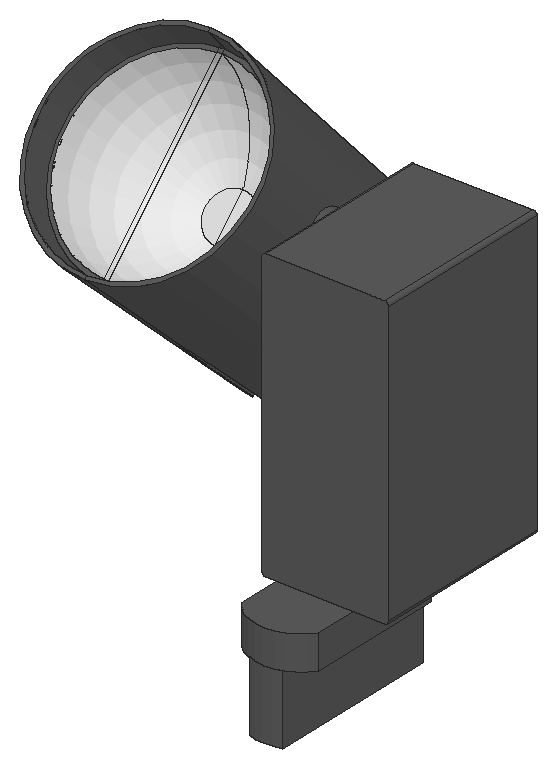
Revit family "0004883 Feilo Sylvania Lighting Fixture START TRACK SPOT S 14W 3K RA90 NB BLACK", category Lighting Fixtures, host Face, Revit 2017 (continued)
Definition of nested family "Start Track Spot Head"
  Types (96, lengths in mm): name | Wattage | built-in parameter 1150134 | Photometric Web File | Model | built-in parameter 1150105 | Lumens | built-in parameter 1150107 | built-in parameter 1150106 | HeadThickness_FEILO | HeadRibOffset_FEILO | HeadRibDepth_FEILO | HeadRibCutWidth_FEILO | HeadRibCutOffset_FEILO | HeadReflectorRadius_FEILO | HeadReflectorOffset_FEILO | HeadLEDRadius_FEILO | HeadHeight_FEILO | HeadDiffusorOffset_FEILO | HeadDiaOut_FEILO | HeadDiaIn_FEILO | HeadAxisFromTop_FEILO | Emit from Circle Diameter | built-in parameter 1150104 | Description | Apparent Load
    0004864 START TRACK SPOT S 24W 3K RA90 WB WHITE | 24 W | (empty or 0) | "0004864.ies" | "START TRACK SPOT S 24W 3K RA90 WB WHITE" | 152.79 (stored number, unit not read) | 1920 lm | 3000 (stored number, unit not read) | 1.5279 (stored number, unit not read) | 1.5 | 4.179 | 55.714 | 7.167 | 50.87 | 50.588 | 55.714 | 9.556 | 117 | 9.435 | 86 | 77.477 | 69.354 | 77.477 | 7.4322 (stored number, unit not read) | "Integrated LED spotlight, Textured White - RAL9016, compact and minimalist design, ideal for retail applications, die-cast aluminium body, passive cooling heatsink. Beam angle: 64°, color temperature: 3000K , total system power: 24W, total fixture output: 1928 lm, LOR: 100%, colour rendering: Ra: 90 typical, LED Chromaticity: 3 step MacAdam ellipse, lifetime: >50000 hours at L70B50, energy class: A++, A+, A, IR/UV free light source without heat radiation, operating voltage: 220-240V / 50-60Hz, drive current: 600mA, electronic driver, non-dimmable, power factor: 0.95, electrical protection: Class II, Global Track 3 Phase adapter suitable for Global trac 3-circuit tracks, ingress protection rating: IP20, suitable for internal environment only, horizontal rotation: 355°, vertical tilt: 90°, dimensions: Ø86x140x200, weight: 0.966kg." | 24 VA
    0004863 START TRACK SPOT S 24W 3K RA90 MB WHITE | 24 W | (empty or 0) | "0004863.ies" | "START TRACK SPOT S 24W 3K RA90 MB WHITE" | 154.7 (stored number, unit not read) | 1944 lm | 3000 (stored number, unit not read) | 1.547 (stored number, unit not read) | 1.5 | 4.179 | 55.714 | 7.167 | 50.87 | 50.588 | 55.714 | 9.556 | 117 | 9.435 | 86 | 77.477 | 69.354 | 77.477 | 7.5251 (stored number, unit not read) | "Integrated LED spotlight, Textured White - RAL9016, compact and minimalist design, ideal for retail applications, die-cast aluminium body, passive cooling heatsink. Beam angle: 36°, color temperature: 3000K , total system power: 24W, total fixture output: 1944 lm, LOR: 100%, colour rendering: Ra: 90 typical, LED Chromaticity: 3 step MacAdam ellipse, lifetime: >50000 hours at L70B50, energy class: A++, A+, A, IR/UV free light source without heat radiation, operating voltage: 220-240V / 50-60Hz, drive current: 600mA, electronic driver, non-dimmable, power factor: 0.95, electrical protection: Class II, Global Track 3 Phase adapter suitable for Global trac 3-circuit tracks, ingress protection rating: IP20, suitable for internal environment only, horizontal rotation: 355°, vertical tilt: 90°, dimensions: Ø86x140x200, weight: 0.966kg." | 24 VA
    0004862 START TRACK SPOT S 24W 3K RA90 NB WHITE | 24 W | (empty or 0) | "0004862.ies" | "START TRACK SPOT S 24W 3K RA90 NB WHITE" | 158.52 (stored number, unit not read) | 1992 lm | 3000 (stored number, unit not read) | 1.5852 (stored number, unit not read) | 1.5 | 4.179 | 55.714 | 7.167 | 50.87 | 50.588 | 55.714 | 9.556 | 117 | 9.435 | 86 | 77.477 | 69.354 | 77.477 | 7.711 (stored number, unit not read) | "Integrated LED spotlight, Textured White - RAL9016, compact and minimalist design, ideal for retail applications, die-cast aluminium body, passive cooling heatsink. Beam angle: 12°, color temperature: 3000K , total system power: 24W, total fixture output: 1987 lm, LOR: 100%, colour rendering: Ra: 90 typical, LED Chromaticity: 3 step MacAdam ellipse, lifetime: >50000 hours at L70B50, energy class: A++, A+, A, IR/UV free light source without heat radiation, operating voltage: 220-240V / 50-60Hz, drive current: 600mA, electronic driver, non-dimmable, power factor: 0.95, electrical protection: Class II, Global Track 3 Phase adapter suitable for Global trac 3-circuit tracks, ingress protection rating: IP20, suitable for internal environment only, horizontal rotation: 355°, vertical tilt: 90°, dimensions: Ø86x140x200, weight: 0.966kg." | 24 VA
    0004861 START TRACK SPOT S 14W 3K RA90 WB WHITE | 14 W | (empty or 0) | "0004861.ies" | "START TRACK SPOT S 14W 3K RA90 WB WHITE" | 100.27 (stored number, unit not read) | 1260 lm | 3000 (stored number, unit not read) | 1.0027 (stored number, unit not read) | 1.5 | 4.179 | 55.714 | 7.167 | 50.87 | 50.588 | 55.714 | 9.556 | 117 | 9.435 | 86 | 77.477 | 69.354 | 77.477 | 8.3613 (stored number, unit not read) | "Integrated LED spotlight, Textured White - RAL9016, compact and minimalist design, ideal for retail applications, die-cast aluminium body, passive cooling heatsink. Beam angle: 64°, color temperature: 3000K , total system power: 14W, total fixture output: 1262 lm, LOR: 100%, colour rendering: Ra: 90 typical, LED Chromaticity: 3 step MacAdam ellipse, lifetime: >50000 hours at L70B50, energy class: A++, A+, A, IR/UV free light source without heat radiation, operating voltage: 220-240V / 50-60Hz, drive current: 350mA, electronic driver, non-dimmable, power factor: 0.92, electrical protection: Class II, Global Track 3 Phase adapter suitable for Global trac 3-circuit tracks, ingress protection rating: IP20, suitable for internal environment only, horizontal rotation: 355°, vertical tilt: 90°, dimensions: Ø86x140x200, weight: 0.940kg." | 14 VA
    0004860 START TRACK SPOT S 14W 3K RA90 MB WHITE | 14 W | (empty or 0) | "0004860.ies" | "START TRACK SPOT S 14W 3K RA90 MB WHITE" | 100.27 (stored number, unit not read) | 1260 lm | 3000 (stored number, unit not read) | 1.0027 (stored number, unit not read) | 1.5 | 4.179 | 55.714 | 7.167 | 50.87 | 50.588 | 55.714 | 9.556 | 117 | 9.435 | 86 | 77.477 | 69.354 | 77.477 | 8.3613 (stored number, unit not read) | "Integrated LED spotlight, Textured White - RAL9016, compact and minimalist design, ideal for retail applications, die-cast aluminium body, passive cooling heatsink. Beam angle: 36°, color temperature: 3000K , total system power: 14W, total fixture output: 1262 lm, LOR: 100%, colour rendering: Ra: 90 typical, LED Chromaticity: 3 step MacAdam ellipse, lifetime: >50000 hours at L70B50, energy class: A++, A+, A, IR/UV free light source without heat radiation, operating voltage: 220-240V / 50-60Hz, drive current: 350mA, electronic driver, non-dimmable, power factor: 0.92, electrical protection: Class II, Global Track 3 Phase adapter suitable for Global trac 3-circuit tracks, ingress protection rating: IP20, suitable for internal environment only, horizontal rotation: 355°, vertical tilt: 90°, dimensions: Ø86x140x200, weight: 0.940kg." | 14 VA
    0004859 START TRACK SPOT S 14W 3K RA90 NB WHITE | 14 W | (empty or 0) | "0004859.ies" | "START TRACK SPOT S 14W 3K RA90 NB WHITE" | 102.5 (stored number, unit not read) | 1288 lm | 3000 (stored number, unit not read) | 1.025 (stored number, unit not read) | 1.5 | 4.179 | 55.714 | 7.167 | 50.87 | 50.588 | 55.714 | 9.556 | 117 | 9.435 | 86 | 77.477 | 69.354 | 77.477 | 8.5471 (stored number, unit not read) | "Integrated LED spotlight, Textured White - RAL9016, compact and minimalist design, ideal for retail applications, die-cast aluminium body, passive cooling heatsink. Beam angle: 12°, color temperature: 3000K , total system power: 14W, total fixture output: 1284 lm, LOR: 100%, colour rendering: Ra: 90 typical, LED Chromaticity: 3 step MacAdam ellipse, lifetime: >50000 hours at L70B50, energy class: A++, A+, A, IR/UV free light source without heat radiation, operating voltage: 220-240V / 50-60Hz, drive current: 350mA, electronic driver, non-dimmable, power factor: 0.92, electrical protection: Class II, Global Track 3 Phase adapter suitable for Global trac 3-circuit tracks, ingress protection rating: IP20, suitable for internal environment only, horizontal rotation: 355°, vertical tilt: 90°, dimensions: Ø86x140x200, weight: 0.940kg." | 14 VA
    0004858 START TRACK SPOT L 55W 4K RA80 WB BLACK | 55 W | 12 | "0004858.ies" | "START TRACK SPOT L 55W 4K RA80 WB BLACK" | 424.55 (stored number, unit not read) | 5335 lm | 4000 (stored number, unit not read) | 4.2455 (stored number, unit not read) | 2 | 4.429 | 59.048 | 9.417 | 53.913 | 66.471 | 59.048 | 12.556 | 124 | 10 | 113 | 101.802 | 73.503 | 101.802 | 9.0116 (stored number, unit not read) | "Integrated LED spotlight, Textured Black - RAL9005, compact and minimalist design, ideal for retail applications, die-cast aluminium body, passive cooling heatsink. Beam angle: 52°, color temperature: 4000K , total system power: 55W, total fixture output: 5320 lm, LOR: 100%, colour rendering: Ra: 80 typical, LED Chromaticity: 3 step MacAdam ellipse, lifetime: >50000 hours at L70B50, energy class: A++, A+, A, IR/UV free light source without heat radiation, operating voltage: 220-240V / 50-60Hz, drive current: 1400mA, electronic driver, non-dimmable, power factor: 0.96, electrical protection: Class II, Global Track 3 Phase adapter suitable for Global trac 3-circuit tracks, ingress protection rating: IP20, suitable for internal environment only, horizontal rotation: 355°, vertical tilt: 90°, dimensions: Ø113x164x240, weight: 1.398kg." | 55 VA
    0004857 START TRACK SPOT L 55W 4K RA80 MB BLACK | 55 W | 12 | "0004857.ies" | "START TRACK SPOT L 55W 4K RA80 MB BLACK" | 428.92 (stored number, unit not read) | 5390 lm | 4000 (stored number, unit not read) | 4.2892 (stored number, unit not read) | 2 | 4.429 | 59.048 | 9.417 | 53.913 | 66.471 | 59.048 | 12.556 | 124 | 10 | 113 | 101.802 | 73.503 | 101.802 | 9.1045 (stored number, unit not read) | "Integrated LED spotlight, Textured Black - RAL9005, compact and minimalist design, ideal for retail applications, die-cast aluminium body, passive cooling heatsink. Beam angle: 38°, color temperature: 4000K , total system power: 55W, total fixture output: 5378 lm, LOR: 100%, colour rendering: Ra: 80 typical, LED Chromaticity: 3 step MacAdam ellipse, lifetime: >50000 hours at L70B50, energy class: A++, A+, A, IR/UV free light source without heat radiation, operating voltage: 220-240V / 50-60Hz, drive current: 1400mA, electronic driver, non-dimmable, power factor: 0.96, electrical protection: Class II, Global Track 3 Phase adapter suitable for Global trac 3-circuit tracks, ingress protection rating: IP20, suitable for internal environment only, horizontal rotation: 355°, vertical tilt: 90°, dimensions: Ø113x164x240, weight: 1.398kg." | 55 VA
    0004856 START TRACK SPOT L 55W 4K RA80 NB BLACK | 55 W | 12 | "0004856.ies" | "START TRACK SPOT L 55W 4K RA80 NB BLACK" | 433.3 (stored number, unit not read) | 5445 lm | 4000 (stored number, unit not read) | 4.333 (stored number, unit not read) | 2 | 4.429 | 59.048 | 9.417 | 53.913 | 66.471 | 59.048 | 12.556 | 124 | 10 | 113 | 101.802 | 73.503 | 101.802 | 9.1974 (stored number, unit not read) | "Integrated LED spotlight, Textured Black - RAL9005, compact and minimalist design, ideal for retail applications, die-cast aluminium body, passive cooling heatsink. Beam angle: 15°, color temperature: 4000K , total system power: 55W, total fixture output: 5426 lm, LOR: 100%, colour rendering: Ra: 80 typical, LED Chromaticity: 3 step MacAdam ellipse, lifetime: >50000 hours at L70B50, energy class: A++, A+, A, IR/UV free light source without heat radiation, operating voltage: 220-240V / 50-60Hz, drive current: 1400mA, electronic driver, non-dimmable, power factor: 0.96, electrical protection: Class II, Global Track 3 Phase adapter suitable for Global trac 3-circuit tracks, ingress protection rating: IP20, suitable for internal environment only, horizontal rotation: 355°, vertical tilt: 90°, dimensions: Ø113x164x240, weight: 1.398kg." | 55 VA
    0004855 START TRACK SPOT L 35W 4K RA80 WB BLACK | 35 W | 12 | "0004855.ies" | "START TRACK SPOT L 35W 4K RA80 WB BLACK" | 320.3 (stored number, unit not read) | 4025 lm | 4000 (stored number, unit not read) | 3.203 (stored number, unit not read) | 2 | 4.429 | 59.048 | 9.417 | 53.913 | 66.471 | 59.048 | 12.556 | 124 | 10 | 113 | 101.802 | 73.503 | 101.802 | 10.684 (stored number, unit not read) | "Integrated LED spotlight, Textured Black - RAL9005, compact and minimalist design, ideal for retail applications, die-cast aluminium body, passive cooling heatsink. Beam angle: 52°, color temperature: 4000K , total system power: 35W, total fixture output: 4010 lm, LOR: 100%, colour rendering: Ra: 80 typical, LED Chromaticity: 3 step MacAdam ellipse, lifetime: >50000 hours at L70B50, energy class: A++, A+, A, IR/UV free light source without heat radiation, operating voltage: 220-240V / 50-60Hz, drive current: 900mA, electronic driver, non-dimmable, power factor: 0.93, electrical protection: Class II, Global Track 3 Phase adapter suitable for Global trac 3-circuit tracks, ingress protection rating: IP20, suitable for internal environment only, horizontal rotation: 355°, vertical tilt: 90°, dimensions: Ø113x164x240, weight: 1.368kg." | 35 VA
    0004854 START TRACK SPOT L 35W 4K RA80 MB BLACK | 35 W | 12 | "0004854.ies" | "START TRACK SPOT L 35W 4K RA80 MB BLACK" | 320.3 (stored number, unit not read) | 4025 lm | 4000 (stored number, unit not read) | 3.203 (stored number, unit not read) | 2 | 4.429 | 59.048 | 9.417 | 53.913 | 66.471 | 59.048 | 12.556 | 124 | 10 | 113 | 101.802 | 73.503 | 101.802 | 10.684 (stored number, unit not read) | "Integrated LED spotlight, Textured Black - RAL9005, compact and minimalist design, ideal for retail applications, die-cast aluminium body, passive cooling heatsink. Beam angle: 38°, color temperature: 4000K , total system power: 35W, total fixture output: 4017 lm, LOR: 100%, colour rendering: Ra: 80 typical, LED Chromaticity: 3 step MacAdam ellipse, lifetime: >50000 hours at L70B50, energy class: A++, A+, A, IR/UV free light source without heat radiation, operating voltage: 220-240V / 50-60Hz, drive current: 900mA, electronic driver, non-dimmable, power factor: 0.93, electrical protection: Class II, Global Track 3 Phase adapter suitable for Global trac 3-circuit tracks, ingress protection rating: IP20, suitable for internal environment only, horizontal rotation: 355°, vertical tilt: 90°, dimensions: Ø113x164x240, weight: 1.368kg." | 35 VA
    0004853 START TRACK SPOT L 35W 4K RA80 NB BLACK | 35 W | 12 | "0004853.ies" | "START TRACK SPOT L 35W 4K RA80 NB BLACK" | 331.44 (stored number, unit not read) | 4165 lm | 4000 (stored number, unit not read) | 3.3144 (stored number, unit not read) | 2 | 4.429 | 59.048 | 9.417 | 53.913 | 66.471 | 59.048 | 12.556 | 124 | 10 | 113 | 101.802 | 73.503 | 101.802 | 11.055 (stored number, unit not read) | "Integrated LED spotlight, Textured Black - RAL9005, compact and minimalist design, ideal for retail applications, die-cast aluminium body, passive cooling heatsink. Beam angle: 15°, color temperature: 4000K , total system power: 35W, total fixture output: 4174 lm, LOR: 100%, colour rendering: Ra: 80 typical, LED Chromaticity: 3 step MacAdam ellipse, lifetime: >50000 hours at L70B50, energy class: A++, A+, A, IR/UV free light source without heat radiation, operating voltage: 220-240V / 50-60Hz, drive current: 900mA, electronic driver, non-dimmable, power factor: 0.93, electrical protection: Class II, Global Track 3 Phase adapter suitable for Global trac 3-circuit tracks, ingress protection rating: IP20, suitable for internal environment only, horizontal rotation: 355°, vertical tilt: 90°, dimensions: Ø113x164x240, weight: 1.368kg." | 35 VA
    0004852 START TRACK SPOT S 24W 4K RA80 WB BLACK | 24 W | 12 | "0004852.ies" | "START TRACK SPOT S 24W 4K RA80 WB BLACK" | 196.72 (stored number, unit not read) | 2472 lm | 4000 (stored number, unit not read) | 1.9672 (stored number, unit not read) | 1.5 | 4.179 | 55.714 | 7.167 | 50.87 | 50.588 | 55.714 | 9.556 | 117 | 9.435 | 86 | 77.477 | 69.354 | 77.477 | 9.569 (stored number, unit not read) | "Integrated LED spotlight, Textured Black - RAL9005, compact and minimalist design, ideal for retail applications, die-cast aluminium body, passive cooling heatsink. Beam angle: 64°, color temperature: 4000K , total system power: 24W, total fixture output: 2476 lm, LOR: 100%, colour rendering: Ra: 80 typical, LED Chromaticity: 3 step MacAdam ellipse, lifetime: >50000 hours at L70B50, energy class: A++, A+, A, IR/UV free light source without heat radiation, operating voltage: 220-240V / 50-60Hz, drive current: 600mA, electronic driver, non-dimmable, power factor: 0.95, electrical protection: Class II, Global Track 3 Phase adapter suitable for Global trac 3-circuit tracks, ingress protection rating: IP20, suitable for internal environment only, horizontal rotation: 355°, vertical tilt: 90°, dimensions: Ø86x140x200, weight: 0.966kg." | 24 VA
    0004851 START TRACK SPOT S 24W 4K RA80 MB BLACK | 24 W | 12 | "0004851.ies" | "START TRACK SPOT S 24W 4K RA80 MB BLACK" | 198.63 (stored number, unit not read) | 2496 lm | 4000 (stored number, unit not read) | 1.9863 (stored number, unit not read) | 1.5 | 4.179 | 55.714 | 7.167 | 50.87 | 50.588 | 55.714 | 9.556 | 117 | 9.435 | 86 | 77.477 | 69.354 | 77.477 | 9.6619 (stored number, unit not read) | "Integrated LED spotlight, Textured Black - RAL9005, compact and minimalist design, ideal for retail applications, die-cast aluminium body, passive cooling heatsink. Beam angle: 36°, color temperature: 4000K , total system power: 24W, total fixture output: 2487 lm, LOR: 100%, colour rendering: Ra: 80 typical, LED Chromaticity: 3 step MacAdam ellipse, lifetime: >50000 hours at L70B50, energy class: A++, A+, A, IR/UV free light source without heat radiation, operating voltage: 220-240V / 50-60Hz, drive current: 600mA, electronic driver, non-dimmable, power factor: 0.95, electrical protection: Class II, Global Track 3 Phase adapter suitable for Global trac 3-circuit tracks, ingress protection rating: IP20, suitable for internal environment only, horizontal rotation: 355°, vertical tilt: 90°, dimensions: Ø86x140x200, weight: 0.966kg." | 24 VA
    0004850 START TRACK SPOT S 24W 4K RA80 NB BLACK | 24 W | 12 | "0004850.ies" | "START TRACK SPOT S 24W 4K RA80 NB BLACK" | 200.54 (stored number, unit not read) | 2520 lm | 4000 (stored number, unit not read) | 2.0054 (stored number, unit not read) | 1.5 | 4.179 | 55.714 | 7.167 | 50.87 | 50.588 | 55.714 | 9.556 | 117 | 9.435 | 86 | 77.477 | 69.354 | 77.477 | 9.7548 (stored number, unit not read) | "Integrated LED spotlight, Textured Black - RAL9005, compact and minimalist design, ideal for retail applications, die-cast aluminium body, passive cooling heatsink. Beam angle: 12°, color temperature: 4000K , total system power: 24W, total fixture output: 2529 lm, LOR: 100%, colour rendering: Ra: 80 typical, LED Chromaticity: 3 step MacAdam ellipse, lifetime: >50000 hours at L70B50, energy class: A++, A+, A, IR/UV free light source without heat radiation, operating voltage: 220-240V / 50-60Hz, drive current: 600mA, electronic driver, non-dimmable, power factor: 0.95, electrical protection: Class II, Global Track 3 Phase adapter suitable for Global trac 3-circuit tracks, ingress protection rating: IP20, suitable for internal environment only, horizontal rotation: 355°, vertical tilt: 90°, dimensions: Ø86x140x200, weight: 0.966kg." | 24 VA
    0004849 START TRACK SPOT S 14W 4K RA80 WB BLACK | 14 W | 12 | "0004849.ies" | "START TRACK SPOT S 14W 4K RA80 WB BLACK" | 123.66 (stored number, unit not read) | 1554 lm | 4000 (stored number, unit not read) | 1.2366 (stored number, unit not read) | 1.5 | 4.179 | 55.714 | 7.167 | 50.87 | 50.588 | 55.714 | 9.556 | 117 | 9.435 | 86 | 77.477 | 69.354 | 77.477 | 10.312 (stored number, unit not read) | "Integrated LED spotlight, Textured Black - RAL9005, compact and minimalist design, ideal for retail applications, die-cast aluminium body, passive cooling heatsink. Beam angle: 64°, color temperature: 4000K , total system power: 14W, total fixture output: 1558 lm, LOR: 100%, colour rendering: Ra: 80 typical, LED Chromaticity: 3 step MacAdam ellipse, lifetime: >50000 hours at L70B50, energy class: A++, A+, A, IR/UV free light source without heat radiation, operating voltage: 220-240V / 50-60Hz, drive current: 350mA, electronic driver, non-dimmable, power factor: 0.92, electrical protection: Class II, Global Track 3 Phase adapter suitable for Global trac 3-circuit tracks, ingress protection rating: IP20, suitable for internal environment only, horizontal rotation: 355°, vertical tilt: 90°, dimensions: Ø86x140x200, weight: 0.940kg." | 14 VA
    0004848 START TRACK SPOT S 14W 4K RA80 MB BLACK | 14 W | 12 | "0004848.ies" | "START TRACK SPOT S 14W 4K RA80 MB BLACK" | 127.01 (stored number, unit not read) | 1596 lm | 4000 (stored number, unit not read) | 1.2701 (stored number, unit not read) | 1.5 | 4.179 | 55.714 | 7.167 | 50.87 | 50.588 | 55.714 | 9.556 | 117 | 9.435 | 86 | 77.477 | 69.354 | 77.477 | 10.591 (stored number, unit not read) | "Integrated LED spotlight, Textured Black - RAL9005, compact and minimalist design, ideal for retail applications, die-cast aluminium body, passive cooling heatsink. Beam angle: 36°, color temperature: 4000K , total system power: 14W, total fixture output: 1598 lm, LOR: 100%, colour rendering: Ra: 80 typical, LED Chromaticity: 3 step MacAdam ellipse, lifetime: >50000 hours at L70B50, energy class: A++, A+, A, IR/UV free light source without heat radiation, operating voltage: 220-240V / 50-60Hz, drive current: 350mA, electronic driver, non-dimmable, power factor: 0.92, electrical protection: Class II, Global Track 3 Phase adapter suitable for Global trac 3-circuit tracks, ingress protection rating: IP20, suitable for internal environment only, horizontal rotation: 355°, vertical tilt: 90°, dimensions: Ø86x140x200, weight: 0.940kg." | 14 VA
    0004847 START TRACK SPOT S 14W 4K RA80 NB BLACK | 14 W | 12 | "0004847.ies" | "START TRACK SPOT S 14W 4K RA80 NB BLACK" | 128.12 (stored number, unit not read) | 1610 lm | 4000 (stored number, unit not read) | 1.2812 (stored number, unit not read) | 1.5 | 4.179 | 55.714 | 7.167 | 50.87 | 50.588 | 55.714 | 9.556 | 117 | 9.435 | 86 | 77.477 | 69.354 | 77.477 | 10.684 (stored number, unit not read) | "Integrated LED spotlight, Textured Black - RAL9005, compact and minimalist design, ideal for retail applications, die-cast aluminium body, passive cooling heatsink. Beam angle: 12°, color temperature: 4000K , total system power: 14W, total fixture output: 1608 lm, LOR: 100%, colour rendering: Ra: 80 typical, LED Chromaticity: 3 step MacAdam ellipse, lifetime: >50000 hours at L70B50, energy class: A++, A+, A, IR/UV free light source without heat radiation, operating voltage: 220-240V / 50-60Hz, drive current: 350mA, electronic driver, non-dimmable, power factor: 0.92, electrical protection: Class II, Global Track 3 Phase adapter suitable for Global trac 3-circuit tracks, ingress protection rating: IP20, suitable for internal environment only, horizontal rotation: 355°, vertical tilt: 90°, dimensions: Ø86x140x200, weight: 0.940kg." | 14 VA
    0004846 START TRACK SPOT L 55W 3K RA80 WB BLACK | 55 W | (empty or 0) | "0004846.ies" | "START TRACK SPOT L 55W 3K RA80 WB BLACK" | 420.17 (stored number, unit not read) | 5280 lm | 3000 (stored number, unit not read) | 4.2017 (stored number, unit not read) | 2 | 4.429 | 59.048 | 9.417 | 53.913 | 66.471 | 59.048 | 12.556 | 124 | 10 | 113 | 101.802 | 73.503 | 101.802 | 8.9187 (stored number, unit not read) | "Integrated LED spotlight, Textured Black - RAL9005, compact and minimalist design, ideal for retail applications, die-cast aluminium body, passive cooling heatsink. Beam angle: 52°, color temperature: 3000K , total system power: 55W, total fixture output: 5298 lm, LOR: 100%, colour rendering: Ra: 80 typical, LED Chromaticity: 3 step MacAdam ellipse, lifetime: >50000 hours at L70B50, energy class: A++, A+, A, IR/UV free light source without heat radiation, operating voltage: 220-240V / 50-60Hz, drive current: 1400mA, electronic driver, non-dimmable, power factor: 0.96, electrical protection: Class II, Global Track 3 Phase adapter suitable for Global trac 3-circuit tracks, ingress protection rating: IP20, suitable for internal environment only, horizontal rotation: 355°, vertical tilt: 90°, dimensions: Ø113x164x240, weight: 1.398kg." | 55 VA
    0004845 START TRACK SPOT L 55W 3K RA80 MB BLACK | 55 W | (empty or 0) | "0004845.ies" | "START TRACK SPOT L 55W 3K RA80 MB BLACK" | 428.92 (stored number, unit not read) | 5390 lm | 3000 (stored number, unit not read) | 4.2892 (stored number, unit not read) | 2 | 4.429 | 59.048 | 9.417 | 53.913 | 66.471 | 59.048 | 12.556 | 124 | 10 | 113 | 101.802 | 73.503 | 101.802 | 9.1045 (stored number, unit not read) | "Integrated LED spotlight, Textured Black - RAL9005, compact and minimalist design, ideal for retail applications, die-cast aluminium body, passive cooling heatsink. Beam angle: 38°, color temperature: 3000K , total system power: 55W, total fixture output: 5381 lm, LOR: 100%, colour rendering: Ra: 80 typical, LED Chromaticity: 3 step MacAdam ellipse, lifetime: >50000 hours at L70B50, energy class: A++, A+, A, IR/UV free light source without heat radiation, operating voltage: 220-240V / 50-60Hz, drive current: 1400mA, electronic driver, non-dimmable, power factor: 0.96, electrical protection: Class II, Global Track 3 Phase adapter suitable for Global trac 3-circuit tracks, ingress protection rating: IP20, suitable for internal environment only, horizontal rotation: 355°, vertical tilt: 90°, dimensions: Ø113x164x240, weight: 1.398kg." | 55 VA
    0004844 START TRACK SPOT L 55W 3K RA80 NB BLACK | 55 W | (empty or 0) | "0004844.ies" | "START TRACK SPOT L 55W 3K RA80 NB BLACK" | 433.3 (stored number, unit not read) | 5445 lm | 3000 (stored number, unit not read) | 4.333 (stored number, unit not read) | 2 | 4.429 | 59.048 | 9.417 | 53.913 | 66.471 | 59.048 | 12.556 | 124 | 10 | 113 | 101.802 | 73.503 | 101.802 | 9.1974 (stored number, unit not read) | "Integrated LED spotlight, Textured Black - RAL9005, compact and minimalist design, ideal for retail applications, die-cast aluminium body, passive cooling heatsink. Beam angle: 15°, color temperature: 3000K , total system power: 55W, total fixture output: 5449 lm, LOR: 100%, colour rendering: Ra: 80 typical, LED Chromaticity: 3 step MacAdam ellipse, lifetime: >50000 hours at L70B50, energy class: A++, A+, A, IR/UV free light source without heat radiation, operating voltage: 220-240V / 50-60Hz, drive current: 1400mA, electronic driver, non-dimmable, power factor: 0.96, electrical protection: Class II, Global Track 3 Phase adapter suitable for Global trac 3-circuit tracks, ingress protection rating: IP20, suitable for internal environment only, horizontal rotation: 355°, vertical tilt: 90°, dimensions: Ø113x164x240, weight: 1.398kg." | 55 VA
    0004843 START TRACK SPOT L 35W 3K RA80 WB BLACK | 35 W | (empty or 0) | "0004843.ies" | "START TRACK SPOT L 35W 3K RA80 WB BLACK" | 314.73 (stored number, unit not read) | 3955 lm | 3000 (stored number, unit not read) | 3.1473 (stored number, unit not read) | 2 | 4.429 | 59.048 | 9.417 | 53.913 | 66.471 | 59.048 | 12.556 | 124 | 10 | 113 | 101.802 | 73.503 | 101.802 | 10.498 (stored number, unit not read) | "Integrated LED spotlight, Textured Black - RAL9005, compact and minimalist design, ideal for retail applications, die-cast aluminium body, passive cooling heatsink. Beam angle: 52°, color temperature: 3000K , total system power: 35W, total fixture output: 3943 lm, LOR: 100%, colour rendering: Ra: 80 typical, LED Chromaticity: 3 step MacAdam ellipse, lifetime: >50000 hours at L70B50, energy class: A++, A+, A, IR/UV free light source without heat radiation, operating voltage: 220-240V / 50-60Hz, drive current: 900mA, electronic driver, non-dimmable, power factor: 0.93, electrical protection: Class II, Global Track 3 Phase adapter suitable for Global trac 3-circuit tracks, ingress protection rating: IP20, suitable for internal environment only, horizontal rotation: 355°, vertical tilt: 90°, dimensions: Ø113x164x240, weight: 1.368kg." | 35 VA
    0004842 START TRACK SPOT L 35W 3K RA80 MB BLACK | 35 W | (empty or 0) | "0004842.ies" | "START TRACK SPOT L 35W 3K RA80 MB BLACK" | 320.3 (stored number, unit not read) | 4025 lm | 3000 (stored number, unit not read) | 3.203 (stored number, unit not read) | 2 | 4.429 | 59.048 | 9.417 | 53.913 | 66.471 | 59.048 | 12.556 | 124 | 10 | 113 | 101.802 | 73.503 | 101.802 | 10.684 (stored number, unit not read) | "Integrated LED spotlight, Textured Black - RAL9005, compact and minimalist design, ideal for retail applications, die-cast aluminium body, passive cooling heatsink. Beam angle: 38°, color temperature: 3000K , total system power: 35W, total fixture output: 4008 lm, LOR: 100%, colour rendering: Ra: 80 typical, LED Chromaticity: 3 step MacAdam ellipse, lifetime: >50000 hours at L70B50, energy class: A++, A+, A, IR/UV free light source without heat radiation, operating voltage: 220-240V / 50-60Hz, drive current: 900mA, electronic driver, non-dimmable, power factor: 0.93, electrical protection: Class II, Global Track 3 Phase adapter suitable for Global trac 3-circuit tracks, ingress protection rating: IP20, suitable for internal environment only, horizontal rotation: 355°, vertical tilt: 90°, dimensions: Ø113x164x240, weight: 1.368kg." | 35 VA
    0004841 START TRACK SPOT L 35W 3K RA80 NB BLACK | 35 W | (empty or 0) | "0004841.ies" | "START TRACK SPOT L 35W 3K RA80 NB BLACK" | 317.51 (stored number, unit not read) | 3990 lm | 3000 (stored number, unit not read) | 3.1751 (stored number, unit not read) | 2 | 4.429 | 59.048 | 9.417 | 53.913 | 66.471 | 59.048 | 12.556 | 124 | 10 | 113 | 101.802 | 73.503 | 101.802 | 10.591 (stored number, unit not read) | "Integrated LED spotlight, Textured Black - RAL9005, compact and minimalist design, ideal for retail applications, die-cast aluminium body, passive cooling heatsink. Beam angle: 15°, color temperature: 3000K , total system power: 35W, total fixture output: 4005 lm, LOR: 100%, colour rendering: Ra: 80 typical, LED Chromaticity: 3 step MacAdam ellipse, lifetime: >50000 hours at L70B50, energy class: A++, A+, A, IR/UV free light source without heat radiation, operating voltage: 220-240V / 50-60Hz, drive current: 900mA, electronic driver, non-dimmable, power factor: 0.93, electrical protection: Class II, Global Track 3 Phase adapter suitable for Global trac 3-circuit tracks, ingress protection rating: IP20, suitable for internal environment only, horizontal rotation: 355°, vertical tilt: 90°, dimensions: Ø113x164x240, weight: 1.368kg." | 35 VA
    0004840 START TRACK SPOT S 24W 3K RA80 WB BLACK | 24 W | (empty or 0) | "0004840.ies" | "START TRACK SPOT S 24W 3K RA80 WB BLACK" | 185.26 (stored number, unit not read) | 2328 lm | 3000 (stored number, unit not read) | 1.8526 (stored number, unit not read) | 1.5 | 4.179 | 55.714 | 7.167 | 50.87 | 50.588 | 55.714 | 9.556 | 117 | 9.435 | 86 | 77.477 | 69.354 | 77.477 | 9.0116 (stored number, unit not read) | "Integrated LED spotlight, Textured Black - RAL9005, compact and minimalist design, ideal for retail applications, die-cast aluminium body, passive cooling heatsink. Beam angle: 64°, color temperature: 3000K , total system power: 24W, total fixture output: 2318 lm, LOR: 100%, colour rendering: Ra: 80 typical, LED Chromaticity: 3 step MacAdam ellipse, lifetime: >50000 hours at L70B50, energy class: A++, A+, A, IR/UV free light source without heat radiation, operating voltage: 220-240V / 50-60Hz, drive current: 600mA, electronic driver, non-dimmable, power factor: 0.95, electrical protection: Class II, Global Track 3 Phase adapter suitable for Global trac 3-circuit tracks, ingress protection rating: IP20, suitable for internal environment only, horizontal rotation: 355°, vertical tilt: 90°, dimensions: Ø86x140x200, weight: 0.966kg." | 24 VA
    0004839 START TRACK SPOT S 24W 3K RA80 MB BLACK | 24 W | (empty or 0) | "0004839.ies" | "START TRACK SPOT S 24W 3K RA80 MB BLACK" | 183.35 (stored number, unit not read) | 2304 lm | 3000 (stored number, unit not read) | 1.8335 (stored number, unit not read) | 1.5 | 4.179 | 55.714 | 7.167 | 50.87 | 50.588 | 55.714 | 9.556 | 117 | 9.435 | 86 | 77.477 | 69.354 | 77.477 | 8.9187 (stored number, unit not read) | "Integrated LED spotlight, Textured Black - RAL9005, compact and minimalist design, ideal for retail applications, die-cast aluminium body, passive cooling heatsink. Beam angle: 36°, color temperature: 3000K , total system power: 24W, total fixture output: 2314 lm, LOR: 100%, colour rendering: Ra: 80 typical, LED Chromaticity: 3 step MacAdam ellipse, lifetime: >50000 hours at L70B50, energy class: A++, A+, A, IR/UV free light source without heat radiation, operating voltage: 220-240V / 50-60Hz, drive current: 600mA, electronic driver, non-dimmable, power factor: 0.95, electrical protection: Class II, Global Track 3 Phase adapter suitable for Global trac 3-circuit tracks, ingress protection rating: IP20, suitable for internal environment only, horizontal rotation: 355°, vertical tilt: 90°, dimensions: Ø86x140x200, weight: 0.966kg." | 24 VA
    0004838 START TRACK SPOT S 24W 3K RA80 NB BLACK | 24 W | (empty or 0) | "0004838.ies" | "START TRACK SPOT S 24W 3K RA80 NB BLACK" | 185.26 (stored number, unit not read) | 2328 lm | 3000 (stored number, unit not read) | 1.8526 (stored number, unit not read) | 1.5 | 4.179 | 55.714 | 7.167 | 50.87 | 50.588 | 55.714 | 9.556 | 117 | 9.435 | 86 | 77.477 | 69.354 | 77.477 | 9.0116 (stored number, unit not read) | "Integrated LED spotlight, Textured Black - RAL9005, compact and minimalist design, ideal for retail applications, die-cast aluminium body, passive cooling heatsink. Beam angle: 12°, color temperature: 3000K , total system power: 24W, total fixture output: 2334 lm, LOR: 100%, colour rendering: Ra: 80 typical, LED Chromaticity: 3 step MacAdam ellipse, lifetime: >50000 hours at L70B50, energy class: A++, A+, A, IR/UV free light source without heat radiation, operating voltage: 220-240V / 50-60Hz, drive current: 600mA, electronic driver, non-dimmable, power factor: 0.95, electrical protection: Class II, Global Track 3 Phase adapter suitable for Global trac 3-circuit tracks, ingress protection rating: IP20, suitable for internal environment only, horizontal rotation: 355°, vertical tilt: 90°, dimensions: Ø86x140x200, weight: 0.966kg." | 24 VA
    0004837 START TRACK SPOT S 14W 3K RA80 WB BLACK | 14 W | (empty or 0) | "0004837.ies" | "START TRACK SPOT S 14W 3K RA80 WB BLACK" | 119.21 (stored number, unit not read) | 1498 lm | 3000 (stored number, unit not read) | 1.1921 (stored number, unit not read) | 1.5 | 4.179 | 55.714 | 7.167 | 50.87 | 50.588 | 55.714 | 9.556 | 117 | 9.435 | 86 | 77.477 | 69.354 | 77.477 | 9.9406 (stored number, unit not read) | "Integrated LED spotlight, Textured Black - RAL9005, compact and minimalist design, ideal for retail applications, die-cast aluminium body, passive cooling heatsink. Beam angle: 64°, color temperature: 3000K , total system power: 14W, total fixture output: 1498 lm, LOR: 100%, colour rendering: Ra: 80 typical, LED Chromaticity: 3 step MacAdam ellipse, lifetime: >50000 hours at L70B50, energy class: A++, A+, A, IR/UV free light source without heat radiation, operating voltage: 220-240V / 50-60Hz, drive current: 350mA, electronic driver, non-dimmable, power factor: 0.92, electrical protection: Class II, Global Track 3 Phase adapter suitable for Global trac 3-circuit tracks, ingress protection rating: IP20, suitable for internal environment only, horizontal rotation: 355°, vertical tilt: 90°, dimensions: Ø86x140x200, weight: 0.940kg." | 14 VA
    0004836 START TRACK SPOT S 14W 3K RA80 MB BLACK | 14 W | (empty or 0) | "0004836.ies" | "START TRACK SPOT S 14W 3K RA80 MB BLACK" | 120.32 (stored number, unit not read) | 1512 lm | 3000 (stored number, unit not read) | 1.2032 (stored number, unit not read) | 1.5 | 4.179 | 55.714 | 7.167 | 50.87 | 50.588 | 55.714 | 9.556 | 117 | 9.435 | 86 | 77.477 | 69.354 | 77.477 | 10.034 (stored number, unit not read) | "Integrated LED spotlight, Textured Black - RAL9005, compact and minimalist design, ideal for retail applications, die-cast aluminium body, passive cooling heatsink. Beam angle: 36°, color temperature: 3000K , total system power: 14W, total fixture output: 1508 lm, LOR: 100%, colour rendering: Ra: 80 typical, LED Chromaticity: 3 step MacAdam ellipse, lifetime: >50000 hours at L70B50, energy class: A++, A+, A, IR/UV free light source without heat radiation, operating voltage: 220-240V / 50-60Hz, drive current: 350mA, electronic driver, non-dimmable, power factor: 0.92, electrical protection: Class II, Global Track 3 Phase adapter suitable for Global trac 3-circuit tracks, ingress protection rating: IP20, suitable for internal environment only, horizontal rotation: 355°, vertical tilt: 90°, dimensions: Ø86x140x200, weight: 0.940kg." | 14 VA
    0004835 START TRACK SPOT S 14W 3K RA80 NB BLACK | 14 W | (empty or 0) | "0004835.ies" | "START TRACK SPOT S 14W 3K RA80 NB BLACK" | 123.66 (stored number, unit not read) | 1554 lm | 3000 (stored number, unit not read) | 1.2366 (stored number, unit not read) | 1.5 | 4.179 | 55.714 | 7.167 | 50.87 | 50.588 | 55.714 | 9.556 | 117 | 9.435 | 86 | 77.477 | 69.354 | 77.477 | 10.312 (stored number, unit not read) | "Integrated LED spotlight, Textured Black - RAL9005, compact and minimalist design, ideal for retail applications, die-cast aluminium body, passive cooling heatsink. Beam angle: 12°, color temperature: 3000K , total system power: 14W, total fixture output: 1551 lm, LOR: 100%, colour rendering: Ra: 80 typical, LED Chromaticity: 3 step MacAdam ellipse, lifetime: >50000 hours at L70B50, energy class: A++, A+, A, IR/UV free light source without heat radiation, operating voltage: 220-240V / 50-60Hz, drive current: 350mA, electronic driver, non-dimmable, power factor: 0.92, electrical protection: Class II, Global Track 3 Phase adapter suitable for Global trac 3-circuit tracks, ingress protection rating: IP20, suitable for internal environment only, horizontal rotation: 355°, vertical tilt: 90°, dimensions: Ø86x140x200, weight: 0.940kg." | 14 VA
    0004834 START TRACK SPOT L 55W 4K RA80 WB WHITE | 55 W | 12 | "0004834.ies" | "START TRACK SPOT L 55W 4K RA80 WB WHITE" | 424.55 (stored number, unit not read) | 5335 lm | 4000 (stored number, unit not read) | 4.2455 (stored number, unit not read) | 2 | 4.429 | 59.048 | 9.417 | 53.913 | 66.471 | 59.048 | 12.556 | 124 | 10 | 113 | 101.802 | 73.503 | 101.802 | 9.0116 (stored number, unit not read) | "Integrated LED spotlight, Textured White - RAL9016, compact and minimalist design, ideal for retail applications, die-cast aluminium body, passive cooling heatsink. Beam angle: 52°, color temperature: 4000K , total system power: 55W, total fixture output: 5320 lm, LOR: 100%, colour rendering: Ra: 80 typical, LED Chromaticity: 3 step MacAdam ellipse, lifetime: >50000 hours at L70B50, energy class: A++, A+, A, IR/UV free light source without heat radiation, operating voltage: 220-240V / 50-60Hz, drive current: 1400mA, electronic driver, non-dimmable, power factor: 0.96, electrical protection: Class II, Global Track 3 Phase adapter suitable for Global trac 3-circuit tracks, ingress protection rating: IP20, suitable for internal environment only, horizontal rotation: 355°, vertical tilt: 90°, dimensions: Ø113x164x240, weight: 1.398kg." | 55 VA
    0004833 START TRACK SPOT L 55W 4K RA80 MB WHITE | 55 W | 12 | "0004833.ies" | "START TRACK SPOT L 55W 4K RA80 MB WHITE" | 428.92 (stored number, unit not read) | 5390 lm | 4000 (stored number, unit not read) | 4.2892 (stored number, unit not read) | 2 | 4.429 | 59.048 | 9.417 | 53.913 | 66.471 | 59.048 | 12.556 | 124 | 10 | 113 | 101.802 | 73.503 | 101.802 | 9.1045 (stored number, unit not read) | "Integrated LED spotlight, Textured White - RAL9016, compact and minimalist design, ideal for retail applications, die-cast aluminium body, passive cooling heatsink. Beam angle: 38°, color temperature: 4000K , total system power: 55W, total fixture output: 5378 lm, LOR: 100%, colour rendering: Ra: 80 typical, LED Chromaticity: 3 step MacAdam ellipse, lifetime: >50000 hours at L70B50, energy class: A++, A+, A, IR/UV free light source without heat radiation, operating voltage: 220-240V / 50-60Hz, drive current: 1400mA, electronic driver, non-dimmable, power factor: 0.96, electrical protection: Class II, Global Track 3 Phase adapter suitable for Global trac 3-circuit tracks, ingress protection rating: IP20, suitable for internal environment only, horizontal rotation: 355°, vertical tilt: 90°, dimensions: Ø113x164x240, weight: 1.398kg." | 55 VA
    0004832 START TRACK SPOT L 55W 4K RA80 NB WHITE | 55 W | 12 | "0004832.ies" | "START TRACK SPOT L 55W 4K RA80 NB WHITE" | 433.3 (stored number, unit not read) | 5445 lm | 4000 (stored number, unit not read) | 4.333 (stored number, unit not read) | 2 | 4.429 | 59.048 | 9.417 | 53.913 | 66.471 | 59.048 | 12.556 | 124 | 10 | 113 | 101.802 | 73.503 | 101.802 | 9.1974 (stored number, unit not read) | "Integrated LED spotlight, Textured White - RAL9016, compact and minimalist design, ideal for retail applications, die-cast aluminium body, passive cooling heatsink. Beam angle: 15°, color temperature: 4000K , total system power: 55W, total fixture output: 5426 lm, LOR: 100%, colour rendering: Ra: 80 typical, LED Chromaticity: 3 step MacAdam ellipse, lifetime: >50000 hours at L70B50, energy class: A++, A+, A, IR/UV free light source without heat radiation, operating voltage: 220-240V / 50-60Hz, drive current: 1400mA, electronic driver, non-dimmable, power factor: 0.96, electrical protection: Class II, Global Track 3 Phase adapter suitable for Global trac 3-circuit tracks, ingress protection rating: IP20, suitable for internal environment only, horizontal rotation: 355°, vertical tilt: 90°, dimensions: Ø113x164x240, weight: 1.398kg." | 55 VA
    0004831 START TRACK SPOT L 35W 4K RA80 WB WHITE | 35 W | 12 | "0004831.ies" | "START TRACK SPOT L 35W 4K RA80 WB WHITE" | 320.3 (stored number, unit not read) | 4025 lm | 4000 (stored number, unit not read) | 3.203 (stored number, unit not read) | 2 | 4.429 | 59.048 | 9.417 | 53.913 | 66.471 | 59.048 | 12.556 | 124 | 10 | 113 | 101.802 | 73.503 | 101.802 | 10.684 (stored number, unit not read) | "Integrated LED spotlight, Textured White - RAL9016, compact and minimalist design, ideal for retail applications, die-cast aluminium body, passive cooling heatsink. Beam angle: 52°, color temperature: 4000K , total system power: 35W, total fixture output: 4010 lm, LOR: 100%, colour rendering: Ra: 80 typical, LED Chromaticity: 3 step MacAdam ellipse, lifetime: >50000 hours at L70B50, energy class: A++, A+, A, IR/UV free light source without heat radiation, operating voltage: 220-240V / 50-60Hz, drive current: 900mA, electronic driver, non-dimmable, power factor: 0.93, electrical protection: Class II, Global Track 3 Phase adapter suitable for Global trac 3-circuit tracks, ingress protection rating: IP20, suitable for internal environment only, horizontal rotation: 355°, vertical tilt: 90°, dimensions: Ø113x164x240, weight: 1.368kg." | 35 VA
    0004830 START TRACK SPOT L 35W 4K RA80 MB WHITE | 35 W | 12 | "0004830.ies" | "START TRACK SPOT L 35W 4K RA80 MB WHITE" | 320.3 (stored number, unit not read) | 4025 lm | 4000 (stored number, unit not read) | 3.203 (stored number, unit not read) | 2 | 4.429 | 59.048 | 9.417 | 53.913 | 66.471 | 59.048 | 12.556 | 124 | 10 | 113 | 101.802 | 73.503 | 101.802 | 10.684 (stored number, unit not read) | "Integrated LED spotlight, Textured White - RAL9016, compact and minimalist design, ideal for retail applications, die-cast aluminium body, passive cooling heatsink. Beam angle: 38°, color temperature: 4000K , total system power: 35W, total fixture output: 4017 lm, LOR: 100%, colour rendering: Ra: 80 typical, LED Chromaticity: 3 step MacAdam ellipse, lifetime: >50000 hours at L70B50, energy class: A++, A+, A, IR/UV free light source without heat radiation, operating voltage: 220-240V / 50-60Hz, drive current: 900mA, electronic driver, non-dimmable, power factor: 0.93, electrical protection: Class II, Global Track 3 Phase adapter suitable for Global trac 3-circuit tracks, ingress protection rating: IP20, suitable for internal environment only, horizontal rotation: 355°, vertical tilt: 90°, dimensions: Ø113x164x240, weight: 1.368kg." | 35 VA
    0004829 START TRACK SPOT L 35W 4K RA80 NB WHITE | 35 W | 12 | "0004829.ies" | "START TRACK SPOT L 35W 4K RA80 NB WHITE" | 331.44 (stored number, unit not read) | 4165 lm | 4000 (stored number, unit not read) | 3.3144 (stored number, unit not read) | 2 | 4.429 | 59.048 | 9.417 | 53.913 | 66.471 | 59.048 | 12.556 | 124 | 10 | 113 | 101.802 | 73.503 | 101.802 | 11.055 (stored number, unit not read) | "Integrated LED spotlight, Textured White - RAL9016, compact and minimalist design, ideal for retail applications, die-cast aluminium body, passive cooling heatsink. Beam angle: 15°, color temperature: 4000K , total system power: 35W, total fixture output: 4174 lm, LOR: 100%, colour rendering: Ra: 80 typical, LED Chromaticity: 3 step MacAdam ellipse, lifetime: >50000 hours at L70B50, energy class: A++, A+, A, IR/UV free light source without heat radiation, operating voltage: 220-240V / 50-60Hz, drive current: 900mA, electronic driver, non-dimmable, power factor: 0.93, electrical protection: Class II, Global Track 3 Phase adapter suitable for Global trac 3-circuit tracks, ingress protection rating: IP20, suitable for internal environment only, horizontal rotation: 355°, vertical tilt: 90°, dimensions: Ø113x164x240, weight: 1.368kg." | 35 VA
    0004828 START TRACK SPOT S 24W 4K RA80 WB WHITE | 24 W | 12 | "0004828.ies" | "START TRACK SPOT S 24W 4K RA80 WB WHITE" | 196.72 (stored number, unit not read) | 2472 lm | 4000 (stored number, unit not read) | 1.9672 (stored number, unit not read) | 1.5 | 4.179 | 55.714 | 7.167 | 50.87 | 50.588 | 55.714 | 9.556 | 117 | 9.435 | 86 | 77.477 | 69.354 | 77.477 | 9.569 (stored number, unit not read) | "Integrated LED spotlight, Textured White - RAL9016, compact and minimalist design, ideal for retail applications, die-cast aluminium body, passive cooling heatsink. Beam angle: 64°, color temperature: 4000K , total system power: 24W, total fixture output: 2476 lm, LOR: 100%, colour rendering: Ra: 80 typical, LED Chromaticity: 3 step MacAdam ellipse, lifetime: >50000 hours at L70B50, energy class: A++, A+, A, IR/UV free light source without heat radiation, operating voltage: 220-240V / 50-60Hz, drive current: 600mA, electronic driver, non-dimmable, power factor: 0.95, electrical protection: Class II, Global Track 3 Phase adapter suitable for Global trac 3-circuit tracks, ingress protection rating: IP20, suitable for internal environment only, horizontal rotation: 355°, vertical tilt: 90°, dimensions: Ø86x140x200, weight: 0.966kg." | 24 VA
    0004827 START TRACK SPOT S 24W 4K RA80 MB WHITE | 24 W | 12 | "0004827.ies" | "START TRACK SPOT S 24W 4K RA80 MB WHITE" | 198.63 (stored number, unit not read) | 2496 lm | 4000 (stored number, unit not read) | 1.9863 (stored number, unit not read) | 1.5 | 4.179 | 55.714 | 7.167 | 50.87 | 50.588 | 55.714 | 9.556 | 117 | 9.435 | 86 | 77.477 | 69.354 | 77.477 | 9.6619 (stored number, unit not read) | "Integrated LED spotlight, Textured White - RAL9016, compact and minimalist design, ideal for retail applications, die-cast aluminium body, passive cooling heatsink. Beam angle: 36°, color temperature: 4000K , total system power: 24W, total fixture output: 2487 lm, LOR: 100%, colour rendering: Ra: 80 typical, LED Chromaticity: 3 step MacAdam ellipse, lifetime: >50000 hours at L70B50, energy class: A++, A+, A, IR/UV free light source without heat radiation, operating voltage: 220-240V / 50-60Hz, drive current: 600mA, electronic driver, non-dimmable, power factor: 0.95, electrical protection: Class II, Global Track 3 Phase adapter suitable for Global trac 3-circuit tracks, ingress protection rating: IP20, suitable for internal environment only, horizontal rotation: 355°, vertical tilt: 90°, dimensions: Ø86x140x200, weight: 0.966kg." | 24 VA
    0004826 START TRACK SPOT S 24W 4K RA80 NB WHITE | 24 W | 12 | "0004826.ies" | "START TRACK SPOT S 24W 4K RA80 NB WHITE" | 200.54 (stored number, unit not read) | 2520 lm | 4000 (stored number, unit not read) | 2.0054 (stored number, unit not read) | 1.5 | 4.179 | 55.714 | 7.167 | 50.87 | 50.588 | 55.714 | 9.556 | 117 | 9.435 | 86 | 77.477 | 69.354 | 77.477 | 9.7548 (stored number, unit not read) | "Integrated LED spotlight, Textured White - RAL9016, compact and minimalist design, ideal for retail applications, die-cast aluminium body, passive cooling heatsink. Beam angle: 12°, color temperature: 4000K , total system power: 24W, total fixture output: 2529 lm, LOR: 100%, colour rendering: Ra: 80 typical, LED Chromaticity: 3 step MacAdam ellipse, lifetime: >50000 hours at L70B50, energy class: A++, A+, A, IR/UV free light source without heat radiation, operating voltage: 220-240V / 50-60Hz, drive current: 600mA, electronic driver, non-dimmable, power factor: 0.95, electrical protection: Class II, Global Track 3 Phase adapter suitable for Global trac 3-circuit tracks, ingress protection rating: IP20, suitable for internal environment only, horizontal rotation: 355°, vertical tilt: 90°, dimensions: Ø86x140x200, weight: 0.966kg." | 24 VA
    0004825 START TRACK SPOT S 14W 4K RA80 WB WHITE | 14 W | 12 | "0004825.ies" | "START TRACK SPOT S 14W 4K RA80 WB WHITE" | 123.66 (stored number, unit not read) | 1554 lm | 4000 (stored number, unit not read) | 1.2366 (stored number, unit not read) | 1.5 | 4.179 | 55.714 | 7.167 | 50.87 | 50.588 | 55.714 | 9.556 | 117 | 9.435 | 86 | 77.477 | 69.354 | 77.477 | 10.312 (stored number, unit not read) | "Integrated LED spotlight, Textured White - RAL9016, compact and minimalist design, ideal for retail applications, die-cast aluminium body, passive cooling heatsink. Beam angle: 64°, color temperature: 4000K , total system power: 14W, total fixture output: 1558 lm, LOR: 100%, colour rendering: Ra: 80 typical, LED Chromaticity: 3 step MacAdam ellipse, lifetime: >50000 hours at L70B50, energy class: A++, A+, A, IR/UV free light source without heat radiation, operating voltage: 220-240V / 50-60Hz, drive current: 350mA, electronic driver, non-dimmable, power factor: 0.92, electrical protection: Class II, Global Track 3 Phase adapter suitable for Global trac 3-circuit tracks, ingress protection rating: IP20, suitable for internal environment only, horizontal rotation: 355°, vertical tilt: 90°, dimensions: Ø86x140x200, weight: 0.940kg." | 14 VA
    0004824 START TRACK SPOT S 14W 4K RA80 MB WHITE | 14 W | 12 | "0004824.ies" | "START TRACK SPOT S 14W 4K RA80 MB WHITE" | 127.01 (stored number, unit not read) | 1596 lm | 4000 (stored number, unit not read) | 1.2701 (stored number, unit not read) | 1.5 | 4.179 | 55.714 | 7.167 | 50.87 | 50.588 | 55.714 | 9.556 | 117 | 9.435 | 86 | 77.477 | 69.354 | 77.477 | 10.591 (stored number, unit not read) | "Integrated LED spotlight, Textured White - RAL9016, compact and minimalist design, ideal for retail applications, die-cast aluminium body, passive cooling heatsink. Beam angle: 36°, color temperature: 4000K , total system power: 14W, total fixture output: 1598 lm, LOR: 100%, colour rendering: Ra: 80 typical, LED Chromaticity: 3 step MacAdam ellipse, lifetime: >50000 hours at L70B50, energy class: A++, A+, A, IR/UV free light source without heat radiation, operating voltage: 220-240V / 50-60Hz, drive current: 350mA, electronic driver, non-dimmable, power factor: 0.92, electrical protection: Class II, Global Track 3 Phase adapter suitable for Global trac 3-circuit tracks, ingress protection rating: IP20, suitable for internal environment only, horizontal rotation: 355°, vertical tilt: 90°, dimensions: Ø86x140x200, weight: 0.940kg." | 14 VA
    0004823 START TRACK SPOT S 14W 4K RA80 NB WHITE | 14 W | 12 | "0004823.ies" | "START TRACK SPOT S 14W 4K RA80 NB WHITE" | 128.12 (stored number, unit not read) | 1610 lm | 4000 (stored number, unit not read) | 1.2812 (stored number, unit not read) | 1.5 | 4.179 | 55.714 | 7.167 | 50.87 | 50.588 | 55.714 | 9.556 | 117 | 9.435 | 86 | 77.477 | 69.354 | 77.477 | 10.684 (stored number, unit not read) | "Integrated LED spotlight, Textured White - RAL9016, compact and minimalist design, ideal for retail applications, die-cast aluminium body, passive cooling heatsink. Beam angle: 12°, color temperature: 4000K , total system power: 14W, total fixture output: 1608 lm, LOR: 100%, colour rendering: Ra: 80 typical, LED Chromaticity: 3 step MacAdam ellipse, lifetime: >50000 hours at L70B50, energy class: A++, A+, A, IR/UV free light source without heat radiation, operating voltage: 220-240V / 50-60Hz, drive current: 350mA, electronic driver, non-dimmable, power factor: 0.92, electrical protection: Class II, Global Track 3 Phase adapter suitable for Global trac 3-circuit tracks, ingress protection rating: IP20, suitable for internal environment only, horizontal rotation: 355°, vertical tilt: 90°, dimensions: Ø86x140x200, weight: 0.940kg." | 14 VA
    0004822 START TRACK SPOT L 55W 3K RA80 WB WHITE | 55 W | (empty or 0) | "0004822.ies" | "START TRACK SPOT L 55W 3K RA80 WB WHITE" | 420.17 (stored number, unit not read) | 5280 lm | 3000 (stored number, unit not read) | 4.2017 (stored number, unit not read) | 2 | 4.429 | 59.048 | 9.417 | 53.913 | 66.471 | 59.048 | 12.556 | 124 | 10 | 113 | 101.802 | 73.503 | 101.802 | 8.9187 (stored number, unit not read) | "Integrated LED spotlight, Textured White - RAL9016, compact and minimalist design, ideal for retail applications, die-cast aluminium body, passive cooling heatsink. Beam angle: 52°, color temperature: 3000K , total system power: 55W, total fixture output: 5298 lm, LOR: 100%, colour rendering: Ra: 80 typical, LED Chromaticity: 3 step MacAdam ellipse, lifetime: >50000 hours at L70B50, energy class: A++, A+, A, IR/UV free light source without heat radiation, operating voltage: 220-240V / 50-60Hz, drive current: 1400mA, electronic driver, non-dimmable, power factor: 0.96, electrical protection: Class II, Global Track 3 Phase adapter suitable for Global trac 3-circuit tracks, ingress protection rating: IP20, suitable for internal environment only, horizontal rotation: 355°, vertical tilt: 90°, dimensions: Ø113x164x240, weight: 1.398kg." | 55 VA
    0004821 START TRACK SPOT L 55W 3K RA80 MB WHITE | 55 W | (empty or 0) | "0004821.ies" | "START TRACK SPOT L 55W 3K RA80 MB WHITE" | 428.92 (stored number, unit not read) | 5390 lm | 3000 (stored number, unit not read) | 4.2892 (stored number, unit not read) | 2 | 4.429 | 59.048 | 9.417 | 53.913 | 66.471 | 59.048 | 12.556 | 124 | 10 | 113 | 101.802 | 73.503 | 101.802 | 9.1045 (stored number, unit not read) | "Integrated LED spotlight, Textured White - RAL9016, compact and minimalist design, ideal for retail applications, die-cast aluminium body, passive cooling heatsink. Beam angle: 38°, color temperature: 3000K , total system power: 55W, total fixture output: 5381 lm, LOR: 100%, colour rendering: Ra: 80 typical, LED Chromaticity: 3 step MacAdam ellipse, lifetime: >50000 hours at L70B50, energy class: A++, A+, A, IR/UV free light source without heat radiation, operating voltage: 220-240V / 50-60Hz, drive current: 1400mA, electronic driver, non-dimmable, power factor: 0.96, electrical protection: Class II, Global Track 3 Phase adapter suitable for Global trac 3-circuit tracks, ingress protection rating: IP20, suitable for internal environment only, horizontal rotation: 355°, vertical tilt: 90°, dimensions: Ø113x164x240, weight: 1.398kg." | 55 VA
    0004820 START TRACK SPOT L 55W 3K RA80 NB WHITE | 55 W | (empty or 0) | "0004820.ies" | "START TRACK SPOT L 55W 3K RA80 NB WHITE" | 433.3 (stored number, unit not read) | 5445 lm | 3000 (stored number, unit not read) | 4.333 (stored number, unit not read) | 2 | 4.429 | 59.048 | 9.417 | 53.913 | 66.471 | 59.048 | 12.556 | 124 | 10 | 113 | 101.802 | 73.503 | 101.802 | 9.1974 (stored number, unit not read) | "Integrated LED spotlight, Textured White - RAL9016, compact and minimalist design, ideal for retail applications, die-cast aluminium body, passive cooling heatsink. Beam angle: 15°, color temperature: 3000K , total system power: 55W, total fixture output: 5449 lm, LOR: 100%, colour rendering: Ra: 80 typical, LED Chromaticity: 3 step MacAdam ellipse, lifetime: >50000 hours at L70B50, energy class: A++, A+, A, IR/UV free light source without heat radiation, operating voltage: 220-240V / 50-60Hz, drive current: 1400mA, electronic driver, non-dimmable, power factor: 0.96, electrical protection: Class II, Global Track 3 Phase adapter suitable for Global trac 3-circuit tracks, ingress protection rating: IP20, suitable for internal environment only, horizontal rotation: 355°, vertical tilt: 90°, dimensions: Ø113x164x240, weight: 1.398kg." | 55 VA
    0004819 START TRACK SPOT L 35W 3K RA80 WB WHITE | 35 W | (empty or 0) | "0004819.ies" | "START TRACK SPOT L 35W 3K RA80 WB WHITE" | 314.73 (stored number, unit not read) | 3955 lm | 3000 (stored number, unit not read) | 3.1473 (stored number, unit not read) | 2 | 4.429 | 59.048 | 9.417 | 53.913 | 66.471 | 59.048 | 12.556 | 124 | 10 | 113 | 101.802 | 73.503 | 101.802 | 10.498 (stored number, unit not read) | "Integrated LED spotlight, Textured White - RAL9016, compact and minimalist design, ideal for retail applications, die-cast aluminium body, passive cooling heatsink. Beam angle: 52°, color temperature: 3000K , total system power: 35W, total fixture output: 3943 lm, LOR: 100%, colour rendering: Ra: 80 typical, LED Chromaticity: 3 step MacAdam ellipse, lifetime: >50000 hours at L70B50, energy class: A++, A+, A, IR/UV free light source without heat radiation, operating voltage: 220-240V / 50-60Hz, drive current: 900mA, electronic driver, non-dimmable, power factor: 0.93, electrical protection: Class II, Global Track 3 Phase adapter suitable for Global trac 3-circuit tracks, ingress protection rating: IP20, suitable for internal environment only, horizontal rotation: 355°, vertical tilt: 90°, dimensions: Ø113x164x240, weight: 1.368kg." | 35 VA
    0004818 START TRACK SPOT L 35W 3K RA80 MB WHITE | 35 W | (empty or 0) | "0004818.ies" | "START TRACK SPOT L 35W 3K RA80 MB WHITE" | 320.3 (stored number, unit not read) | 4025 lm | 3000 (stored number, unit not read) | 3.203 (stored number, unit not read) | 2 | 4.429 | 59.048 | 9.417 | 53.913 | 66.471 | 59.048 | 12.556 | 124 | 10 | 113 | 101.802 | 73.503 | 101.802 | 10.684 (stored number, unit not read) | "Integrated LED spotlight, Textured White - RAL9016, compact and minimalist design, ideal for retail applications, die-cast aluminium body, passive cooling heatsink. Beam angle: 38°, color temperature: 3000K , total system power: 35W, total fixture output: 4008 lm, LOR: 100%, colour rendering: Ra: 80 typical, LED Chromaticity: 3 step MacAdam ellipse, lifetime: >50000 hours at L70B50, energy class: A++, A+, A, IR/UV free light source without heat radiation, operating voltage: 220-240V / 50-60Hz, drive current: 900mA, electronic driver, non-dimmable, power factor: 0.93, electrical protection: Class II, Global Track 3 Phase adapter suitable for Global trac 3-circuit tracks, ingress protection rating: IP20, suitable for internal environment only, horizontal rotation: 355°, vertical tilt: 90°, dimensions: Ø113x164x240, weight: 1.368kg." | 35 VA
    0004817 START TRACK SPOT L 35W 3K RA80 NB WHITE | 35 W | (empty or 0) | "0004817.ies" | "START TRACK SPOT L 35W 3K RA80 NB WHITE" | 317.51 (stored number, unit not read) | 3990 lm | 3000 (stored number, unit not read) | 3.1751 (stored number, unit not read) | 2 | 4.429 | 59.048 | 9.417 | 53.913 | 66.471 | 59.048 | 12.556 | 124 | 10 | 113 | 101.802 | 73.503 | 101.802 | 10.591 (stored number, unit not read) | "Integrated LED spotlight, Textured White - RAL9016, compact and minimalist design, ideal for retail applications, die-cast aluminium body, passive cooling heatsink. Beam angle: 15°, color temperature: 3000K , total system power: 35W, total fixture output: 4005 lm, LOR: 100%, colour rendering: Ra: 80 typical, LED Chromaticity: 3 step MacAdam ellipse, lifetime: >50000 hours at L70B50, energy class: A++, A+, A, IR/UV free light source without heat radiation, operating voltage: 220-240V / 50-60Hz, drive current: 900mA, electronic driver, non-dimmable, power factor: 0.93, electrical protection: Class II, Global Track 3 Phase adapter suitable for Global trac 3-circuit tracks, ingress protection rating: IP20, suitable for internal environment only, horizontal rotation: 355°, vertical tilt: 90°, dimensions: Ø113x164x240, weight: 1.368kg." | 35 VA
    0004816 START TRACK SPOT S 24W 3K RA80 WB WHITE | 24 W | (empty or 0) | "0004816.ies" | "START TRACK SPOT S 24W 3K RA80 WB WHITE" | 185.26 (stored number, unit not read) | 2328 lm | 3000 (stored number, unit not read) | 1.8526 (stored number, unit not read) | 1.5 | 4.179 | 55.714 | 7.167 | 50.87 | 50.588 | 55.714 | 9.556 | 117 | 9.435 | 86 | 77.477 | 69.354 | 77.477 | 9.0116 (stored number, unit not read) | "Integrated LED spotlight, Textured White - RAL9016, compact and minimalist design, ideal for retail applications, die-cast aluminium body, passive cooling heatsink. Beam angle: 64°, color temperature: 3000K , total system power: 24W, total fixture output: 2318 lm, LOR: 100%, colour rendering: Ra: 80 typical, LED Chromaticity: 3 step MacAdam ellipse, lifetime: >50000 hours at L70B50, energy class: A++, A+, A, IR/UV free light source without heat radiation, operating voltage: 220-240V / 50-60Hz, drive current: 600mA, electronic driver, non-dimmable, power factor: 0.95, electrical protection: Class II, Global Track 3 Phase adapter suitable for Global trac 3-circuit tracks, ingress protection rating: IP20, suitable for internal environment only, horizontal rotation: 355°, vertical tilt: 90°, dimensions: Ø86x140x200, weight: 0.966kg." | 24 VA
    0004815 START TRACK SPOT S 24W 3K RA80 MB WHITE | 24 W | (empty or 0) | "0004815.ies" | "START TRACK SPOT S 24W 3K RA80 MB WHITE" | 183.35 (stored number, unit not read) | 2304 lm | 3000 (stored number, unit not read) | 1.8335 (stored number, unit not read) | 1.5 | 4.179 | 55.714 | 7.167 | 50.87 | 50.588 | 55.714 | 9.556 | 117 | 9.435 | 86 | 77.477 | 69.354 | 77.477 | 8.9187 (stored number, unit not read) | "Integrated LED spotlight, Textured White - RAL9016, compact and minimalist design, ideal for retail applications, die-cast aluminium body, passive cooling heatsink. Beam angle: 36°, color temperature: 3000K , total system power: 24W, total fixture output: 2314 lm, LOR: 100%, colour rendering: Ra: 80 typical, LED Chromaticity: 3 step MacAdam ellipse, lifetime: >50000 hours at L70B50, energy class: A++, A+, A, IR/UV free light source without heat radiation, operating voltage: 220-240V / 50-60Hz, drive current: 600mA, electronic driver, non-dimmable, power factor: 0.95, electrical protection: Class II, Global Track 3 Phase adapter suitable for Global trac 3-circuit tracks, ingress protection rating: IP20, suitable for internal environment only, horizontal rotation: 355°, vertical tilt: 90°, dimensions: Ø86x140x200, weight: 0.966kg." | 24 VA
    0004814 START TRACK SPOT S 24W 3K RA80 NB WHITE | 24 W | (empty or 0) | "0004814.ies" | "START TRACK SPOT S 24W 3K RA80 NB WHITE" | 185.26 (stored number, unit not read) | 2328 lm | 3000 (stored number, unit not read) | 1.8526 (stored number, unit not read) | 1.5 | 4.179 | 55.714 | 7.167 | 50.87 | 50.588 | 55.714 | 9.556 | 117 | 9.435 | 86 | 77.477 | 69.354 | 77.477 | 9.0116 (stored number, unit not read) | "Integrated LED spotlight, Textured White - RAL9016, compact and minimalist design, ideal for retail applications, die-cast aluminium body, passive cooling heatsink. Beam angle: 12°, color temperature: 3000K , total system power: 24W, total fixture output: 2334 lm, LOR: 100%, colour rendering: Ra: 80 typical, LED Chromaticity: 3 step MacAdam ellipse, lifetime: >50000 hours at L70B50, energy class: A++, A+, A, IR/UV free light source without heat radiation, operating voltage: 220-240V / 50-60Hz, drive current: 600mA, electronic driver, non-dimmable, power factor: 0.95, electrical protection: Class II, Global Track 3 Phase adapter suitable for Global trac 3-circuit tracks, ingress protection rating: IP20, suitable for internal environment only, horizontal rotation: 355°, vertical tilt: 90°, dimensions: Ø86x140x200, weight: 0.966kg." | 24 VA
    0004813 START TRACK SPOT S 14W 3K RA80 WB WHITE | 14 W | (empty or 0) | "0004813.ies" | "START TRACK SPOT S 14W 3K RA80 WB WHITE" | 119.21 (stored number, unit not read) | 1498 lm | 3000 (stored number, unit not read) | 1.1921 (stored number, unit not read) | 1.5 | 4.179 | 55.714 | 7.167 | 50.87 | 50.588 | 55.714 | 9.556 | 117 | 9.435 | 86 | 77.477 | 69.354 | 77.477 | 9.9406 (stored number, unit not read) | "Integrated LED spotlight, Textured White - RAL9016, compact and minimalist design, ideal for retail applications, die-cast aluminium body, passive cooling heatsink. Beam angle: 64°, color temperature: 3000K , total system power: 14W, total fixture output: 1498 lm, LOR: 100%, colour rendering: Ra: 80 typical, LED Chromaticity: 3 step MacAdam ellipse, lifetime: >50000 hours at L70B50, energy class: A++, A+, A, IR/UV free light source without heat radiation, operating voltage: 220-240V / 50-60Hz, drive current: 350mA, electronic driver, non-dimmable, power factor: 0.92, electrical protection: Class II, Global Track 3 Phase adapter suitable for Global trac 3-circuit tracks, ingress protection rating: IP20, suitable for internal environment only, horizontal rotation: 355°, vertical tilt: 90°, dimensions: Ø86x140x200, weight: 0.940kg." | 14 VA
